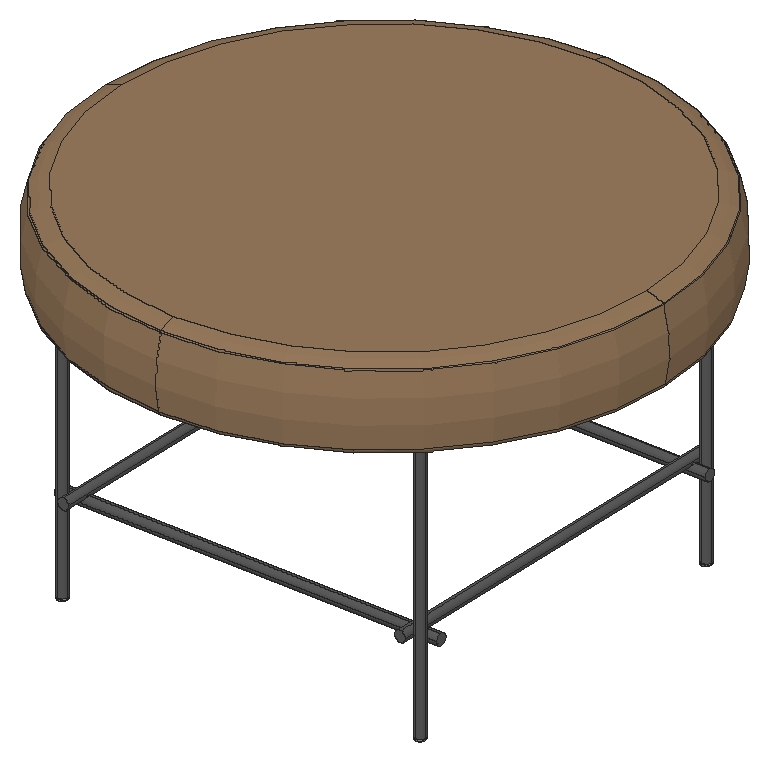
Revit family "FU_Modular_Sandler_NUC0020", category Furniture, Revit 2020
Family settings
  OmniClass Number = 23.40.20.00
  OmniClass Title = General Furniture and Specialties
  Work Plane-Based = No
  Always vertical = Yes
  Cut with Voids When Loaded = No
  Shared = No
  Room Calculation Point = No
Parameters (values of type "NUC0020")
  Width = 800 mm
  URL = "https://www.sandlerseating.com/product/nuc-0020/"
  Seat [instance] = Fabric - X2 - Percentage AK016
  Model = "NUC 0020"
  Manufacturer = "Sandler"
  Height = 495 mm
  Frame [instance] = Epoxy - M1_B00 - Black
  Description = "Ottoman on steel frame with upholstered seat. 80cm / 32″ diameter."
  Depth = 800 mm
  Default Elevation = 0 mm
Reference planes
  plane 1 "Center (Front/Back)": y = 0
  plane 2: z = 0
  plane 3 "Center (Left/Right)": x = 0
  plane 4 "Right": x = -400
  plane 5 "Left": x = 400
  plane 6 "Back": y = 400
  plane 7 "Front": y = -400
  plane 8 "Height": z = 495
  plane 9 "Seat base": z = 380
  plane 10 "Right Inner": x = -368
  plane 11 "Front Inner": y = -368
  plane 12 "Left Inner": x = 368
  plane 13 "Back Inner": y = 368
Forms (mm)
  Extrusion 1, solid, material "Fabric - X2 - Percentage AK016" <- "Seat"
    sketch origin (0, 0, 380) x (-1, 0, 0) y (0, -1, 0)
      loop
        arc (-0.401, -368) -> (260.073, -260.357) -> (368, 0) r 368
        arc (368, 0) -> (260.316, 260.115) -> (0.285, 368) r 368
        arc (0.285, 368) -> (-260.289, 260.142) -> (-368, -0.492) r 368
        arc (-368, -0.492) -> (-260.183, -260.248) -> (-0.401, -368) r 368
    from 0 to 115
  Sweep 2, solid, material "Fabric - X2 - Percentage AK016" <- "Seat"
    path in 3D
      loop
        arc (-0.285, -368, 380) -> (260.289, -260.142, 380) -> (368, 0.492, 380) r 368
        arc (368, 0.492, 380) -> (260.183, 260.248, 380) -> (0.401, 368, 380) r 368
        arc (0.401, 368, 380) -> (-260.073, 260.357, 380) -> (-368, 0, 380) r 368
        arc (-368, 0, 380) -> (-260.316, -260.115, 380) -> (-0.285, -368, 380) r 368
    profile "Pro_NUC_SeatEdge : Pro_NUC_SeatEdge" origin (-260.316, -260.115, 380) x (-0.70738, -0.706833, 0) y (0, 0, -1)
      loop
        line (0, 0) -> (0, -115)
        arc (0, -115) -> (11.88, -111.875) -> (23.135, -106.955) r 79.354
        arc (23.135, -106.955) -> (23.241, -105.871) -> (24.284, -105.562) r 0.974
        arc (24.284, -105.562) -> (32.423, -56.759) -> (27.071, -7.573) r 181.389
        arc (27.071, -7.573) -> (23.523, -2.117) -> (17.37, 0) r 10
        line (17.37, 0) -> (0, 0)
Cuts and joins
  joined: Extrusion 1, Sweep 2
Lines and regions (mm)
  sketch lines
    curve 1: arc (-368, 0, 380) -> (-260.316, -260.115, 380) -> (-0.285, -368, 380) r 368
    curve 2: arc (0.401, 368, 380) -> (-260.073, 260.357, 380) -> (-368, 0, 380) r 368
    curve 3: arc (368, 0.492, 380) -> (260.183, 260.248, 380) -> (0.401, 368, 380) r 368
    curve 4: arc (-0.285, -368, 380) -> (260.289, -260.142, 380) -> (368, 0.492, 380) r 368
Dimensions and locks
  equal spacing: plane 4 "Right", plane 3 "Center (Left/Right)", plane 5 "Left"
  "Width": plane 4 "Right" to plane 5 "Left"
  equal spacing: plane 6 "Back", plane 1 "Center (Front/Back)", plane 7 "Front"
  "Depth": plane 6 "Back" to plane 7 "Front"
  "Height": plane 8 "Height" to level
  plane 8 "Height" to plane 9 "Seat base" = 115 mm
  locked: plane 6 "Back" to plane 13 "Back Inner" at 32
  locked: plane 4 "Right" to plane 10 "Right Inner" at 32
  locked: plane 11 "Front Inner" to plane 7 "Front" at 32
  locked: plane 12 "Left Inner" to plane 5 "Left" at 32
  aligned and locked: level to plane 2
  aligned and locked: plane 10 "Right Inner" to Extrusion 1 sketch curve
  aligned and locked: plane 1 "Center (Front/Back)" to Extrusion 1 sketch curve
  aligned and locked: plane 11 "Front Inner" to Extrusion 1 sketch curve
  aligned and locked: plane 12 "Left Inner" to Extrusion 1 sketch curve
  aligned and locked: plane 13 "Back Inner" to Extrusion 1 sketch curve
  aligned and locked: plane 8 "Height" to Extrusion 1
Automatic sketch dimensions
  Extrusion 1 sketch curve to plane 1 "Center (Front/Back)" = 0 mm
  plane 3 "Center (Left/Right)" to Extrusion 1 sketch curve = 0 mm
  Extrusion 1 sketch curve to Extrusion 1 sketch curve = 0 mm  (x5)
Nested families
  nested 1: "NUC_Frame" at (0, 0, 0), Frame <- "Frame", type "Frame 020"
    with Frame Epoxy - M1_B00 - Black
Definition of nested family "NUC_Frame"
  Parameters (values of type "Frame 020")
    Width = 600 mm
    URL = ""
    Model = ""
    Manufacturer = ""
    Height = 495 mm
    Frame [instance] = none
    Description = ""
    Depth = 600 mm
    Default Elevation = 0 mm
  Reference planes
    plane 1 "Center (Front/Back)": y = 0
    plane 2: z = 0
    plane 3 "Center (Left/Right)": x = 0
    plane 4 "Right": x = -300
    plane 5 "Left": x = 300
    plane 6 "Back": y = 300
    plane 7 "Front": y = -300
    plane 8 "Height": z = 495
    plane 9 "Seat base": z = 380
    plane 10 "Cross Right TOP": x = -268.091
    plane 11 "Side Back TOP": y = 267.81
    plane 12 "RL CY TOP": x = -251.061
    plane 13 "RS C TOP": x = -235.848
    plane 14 "BL CX TOP": y = 250.755
    plane 15 "BC C TOP": y = 235.681
    plane 16 "Side Front TOP": y = -267.81
    plane 17 "FL CX TOP": y = -250.755
    plane 18 "FC C TOP": y = -235.229
    plane 19 "Cross Left TOP": x = 268.091
    plane 20 "FL CY TOP": x = 251.061
    plane 21 "LS C TOP": x = 236.785
    plane 22 "Glide FRONT": z = 5.5
    plane 23 "Cross C FRONT": z = 125.125
    plane 24 "Side C RIGHT": z = 132.455
  Forms (mm)
    Sweep 1, solid, material <- "Frame"
      path origin (0, 250.755, 0) x (1, 0, 0) y (0, 0, 1)
        loop
          line (-251.061, 5.5) -> (-251.061, 380)
      profile "Pro_Circles : 15mm" origin (-251.061, 250.755, 192.75) x (-1, 0, 0) y (0, -1, 0)
        loop
          arc (-7.467, 0.067) -> (-5.347, -5.252) -> (-0.067, -7.467) r 7.401
          arc (-0.067, -7.467) -> (5.3, -5.301) -> (7.467, 0.067) r 7.402
          arc (7.467, 0.067) -> (5.252, 5.347) -> (-0.067, 7.467) r 7.401
          arc (-0.067, 7.467) -> (-5.299, 5.299) -> (-7.467, 0.067) r 7.4
    Sweep 2, solid, material <- "Frame"
      path origin (0, -250.755, 0) x (1, 0, 0) y (0, 0, 1)
        loop
          line (-251.061, 5.5) -> (-251.061, 380)
      profile "Pro_Circles : 15mm" origin (-251.061, -250.755, 192.75) x (1, 0, 0) y (0, 1, 0)
        loop
          arc (7.467, 0.067) -> (5.299, 5.299) -> (0.067, 7.467) r 7.4
          arc (0.067, 7.467) -> (-5.252, 5.347) -> (-7.467, 0.067) r 7.401
          arc (-7.467, 0.067) -> (-5.3, -5.301) -> (0.067, -7.467) r 7.402
          arc (0.067, -7.467) -> (5.347, -5.252) -> (7.467, 0.067) r 7.401
    Sweep 3, solid, material <- "Frame"
      path origin (0, 250.755, 0) x (-1, 0, 0) y (0, 0, 1)
        loop
          line (-251.061, 5.5) -> (-251.061, 380)
      profile "Pro_Circles : 15mm" origin (251.061, 250.755, 192.75) x (-1, 0, 0) y (0, -1, 0)
        loop
          arc (7.467, 0.067) -> (5.299, 5.299) -> (0.067, 7.467) r 7.4
          arc (0.067, 7.467) -> (-5.252, 5.347) -> (-7.467, 0.067) r 7.401
          arc (-7.467, 0.067) -> (-5.3, -5.301) -> (0.067, -7.467) r 7.402
          arc (0.067, -7.467) -> (5.347, -5.252) -> (7.467, 0.067) r 7.401
    Sweep 4, solid, material <- "Frame"
      path origin (0, -250.755, 0) x (-1, 0, 0) y (0, 0, 1)
        loop
          line (-251.061, 5.5) -> (-251.061, 380)
      profile "Pro_Circles : 15mm" origin (251.061, -250.755, 192.75) x (1, 0, 0) y (0, 1, 0)
        loop
          arc (-7.467, 0.067) -> (-5.347, -5.252) -> (-0.067, -7.467) r 7.401
          arc (-0.067, -7.467) -> (5.3, -5.301) -> (7.467, 0.067) r 7.402
          arc (7.467, 0.067) -> (5.252, 5.347) -> (-0.067, 7.467) r 7.401
          arc (-0.067, 7.467) -> (-5.299, 5.299) -> (-7.467, 0.067) r 7.4
    Sweep 5, solid, material <- "Frame"
      path origin (0, 235.681, 0) x (1, 0, 0) y (0, 0, 1)
        loop
          line (-268.091, 125.125) -> (268.091, 125.125)
      profile "Pro_Circles : 15mm" origin (0, 235.681, 125.125) x (0, 0, 1) y (0, -1, 0)
        loop
          arc (-7.467, 0.067) -> (-5.347, -5.252) -> (-0.067, -7.467) r 7.401
          arc (-0.067, -7.467) -> (5.3, -5.301) -> (7.467, 0.067) r 7.402
          arc (7.467, 0.067) -> (5.252, 5.347) -> (-0.067, 7.467) r 7.401
          arc (-0.067, 7.467) -> (-5.299, 5.299) -> (-7.467, 0.067) r 7.4
    Sweep 6, solid, material <- "Frame"
      path origin (0, -235.229, 0) x (1, 0, 0) y (0, 0, 1)
        loop
          line (-268.091, 125.125) -> (268.091, 125.125)
      profile "Pro_Circles : 15mm" origin (0, -235.229, 125.125) x (0, 0, -1) y (0, 1, 0)
        loop
          arc (7.467, 0.067) -> (5.299, 5.299) -> (0.067, 7.467) r 7.4
          arc (0.067, 7.467) -> (-5.252, 5.347) -> (-7.467, 0.067) r 7.401
          arc (-7.467, 0.067) -> (-5.3, -5.301) -> (0.067, -7.467) r 7.402
          arc (0.067, -7.467) -> (5.347, -5.252) -> (7.467, 0.067) r 7.401
    Sweep 7, solid, material <- "Frame"
      path origin (0, 0, 132.455) x (0, -1, 0) y (1, 0, 0)
        loop
          line (267.81, -235.848) -> (-267.81, -235.848)
      profile "Pro_Circles : 15mm" origin (-235.848, 0, 132.455) x (-1, 0, 0) y (0, 0, 1)
        loop
          arc (-7.467, 0.067) -> (-5.347, -5.252) -> (-0.067, -7.467) r 7.401
          arc (-0.067, -7.467) -> (5.3, -5.301) -> (7.467, 0.067) r 7.402
          arc (7.467, 0.067) -> (5.252, 5.347) -> (-0.067, 7.467) r 7.401
          arc (-0.067, 7.467) -> (-5.299, 5.299) -> (-7.467, 0.067) r 7.4
    Sweep 8, solid, material <- "Frame"
      path origin (0, 0, 132.455) x (0, -1, 0) y (-1, 0, 0)
        loop
          line (267.81, -236.785) -> (-267.81, -236.785)
      profile "Pro_Circles : 15mm" origin (236.785, 0, 132.455) x (-1, 0, 0) y (0, 0, 1)
        loop
          arc (7.467, 0.067) -> (5.299, 5.299) -> (0.067, 7.467) r 7.4
          arc (0.067, 7.467) -> (-5.252, 5.347) -> (-7.467, 0.067) r 7.401
          arc (-7.467, 0.067) -> (-5.3, -5.301) -> (0.067, -7.467) r 7.402
          arc (0.067, -7.467) -> (5.347, -5.252) -> (7.467, 0.067) r 7.401
    Revolve 9, solid
      sketch origin (0, 250.755, 0) x (1, 0, 0) y (0, 0, 1)
        loop
          line (-258.073, 5.5) -> (-258.073, 2.935)
          arc (-258.073, 2.935) -> (-257.708, 1.769) -> (-256.742, 1.02) r 2.043
          arc (-256.742, 1.02) -> (-253.947, 0.256) -> (-251.061, -0.002) r 16.329
          line (-251.061, -0.002) -> (-251.061, 18.327) -> (-256.144, 18.327) -> (-256.144, 5.5) -> (-258.073, 5.5)
        axis (-251.061, 18.327) -> (-251.061, -0.002)
      angle from 0 to 360
    Revolve 10, solid
      sketch origin (0, 250.755, 0) x (-1, 0, 0) y (0, 0, 1)
        loop
          line (-258.073, 5.5) -> (-258.073, 2.935)
          arc (-258.073, 2.935) -> (-257.708, 1.769) -> (-256.742, 1.02) r 2.043
          arc (-256.742, 1.02) -> (-253.947, 0.256) -> (-251.061, -0.002) r 16.329
          line (-251.061, -0.002) -> (-251.061, 18.327) -> (-256.144, 18.327) -> (-256.144, 5.5) -> (-258.073, 5.5)
        axis (-251.061, 18.327) -> (-251.061, -0.002)
      angle from 0 to 360
    Revolve 11, solid
      sketch origin (0, -250.755, 0) x (1, 0, 0) y (0, 0, 1)
        loop
          line (258.073, 5.5) -> (256.144, 5.5) -> (256.144, 18.327) -> (251.061, 18.327) -> (251.061, -0.002)
          arc (251.061, -0.002) -> (253.947, 0.256) -> (256.742, 1.02) r 16.329
          arc (256.742, 1.02) -> (257.708, 1.769) -> (258.073, 2.935) r 2.043
          line (258.073, 2.935) -> (258.073, 5.5)
        axis (251.061, 18.327) -> (251.061, -0.002)
      angle from 0 to 360
    Revolve 12, solid
      sketch origin (0, -250.755, 0) x (1, 0, 0) y (0, 0, 1)
        loop
          line (-258.073, 5.5) -> (-258.073, 2.935)
          arc (-258.073, 2.935) -> (-257.708, 1.769) -> (-256.742, 1.02) r 2.043
          arc (-256.742, 1.02) -> (-253.947, 0.256) -> (-251.061, -0.002) r 16.329
          line (-251.061, -0.002) -> (-251.061, 18.327) -> (-256.144, 18.327) -> (-256.144, 5.5) -> (-258.073, 5.5)
        axis (-251.061, 18.327) -> (-251.061, -0.002)
      angle from 0 to 360
  Dimensions and locks
    equal spacing: plane 4 "Right", plane 3 "Center (Left/Right)", plane 5 "Left"
    "Width": plane 4 "Right" to plane 5 "Left"
    equal spacing: plane 6 "Back", plane 1 "Center (Front/Back)", plane 7 "Front"
    "Depth": plane 6 "Back" to plane 7 "Front"
    "Height": plane 8 "Height" to level
    plane 8 "Height" to plane 9 "Seat base" = 115 mm
    plane 6 "Back" to plane 11 "Side Back TOP" to plane 14 "BL CX TOP" to plane 15 "BC C TOP" = 32.19 mm locked, 17.055 mm locked, 15.074 mm locked
    plane 4 "Right" to plane 10 "Cross Right TOP" to plane 12 "RL CY TOP" to plane 13 "RS C TOP" = 31.909 mm locked, 17.03 mm locked, 15.213 mm locked
    plane 21 "LS C TOP" to plane 20 "FL CY TOP" to plane 19 "Cross Left TOP" to plane 5 "Left" = 14.275 mm locked, 17.03 mm locked, 31.909 mm locked
    plane 18 "FC C TOP" to plane 17 "FL CX TOP" to plane 16 "Side Front TOP" to plane 7 "Front" = 15.526 mm locked, 17.055 mm locked, 32.19 mm locked
    aligned and locked: level to plane 2
    aligned and locked: plane 9 "Seat base" to Sweep 1 sketch curve
    aligned and locked: plane 22 "Glide FRONT" to Sweep 1 sketch curve
    aligned and locked: plane 19 "Cross Left TOP" to Sweep 5 sketch curve
    aligned and locked: plane 10 "Cross Right TOP" to Sweep 5 sketch curve
    aligned and locked: plane 11 "Side Back TOP" to Sweep 7 sketch curve
    aligned and locked: plane 16 "Side Front TOP" to Sweep 7 sketch curve
  Automatic sketch dimensions
    plane 12 "RL CY TOP" to Sweep 1 sketch curve = 0 mm
    Sweep 2 sketch curve to plane 9 "Seat base" = 0 mm
    plane 12 "RL CY TOP" to Sweep 2 sketch curve = 0 mm
    Sweep 2 sketch curve to plane 22 "Glide FRONT" = 0 mm
    Sweep 3 sketch curve to plane 9 "Seat base" = 0 mm
    Sweep 3 sketch curve to plane 20 "FL CY TOP" = 0 mm
    Sweep 3 sketch curve to plane 22 "Glide FRONT" = 0 mm
    Sweep 4 sketch curve to plane 9 "Seat base" = 0 mm
    Sweep 4 sketch curve to plane 20 "FL CY TOP" = 0 mm
    Sweep 4 sketch curve to plane 22 "Glide FRONT" = 0 mm
    Sweep 5 sketch curve to plane 23 "Cross C FRONT" = 0 mm
    plane 10 "Cross Right TOP" to Sweep 6 sketch curve = 0 mm
    Sweep 6 sketch curve to plane 19 "Cross Left TOP" = 0 mm
    Sweep 6 sketch curve to plane 23 "Cross C FRONT" = 0 mm
    Sweep 7 sketch curve to plane 13 "RS C TOP" = 0 mm
    plane 11 "Side Back TOP" to Sweep 8 sketch curve = 0 mm
    Sweep 8 sketch curve to plane 16 "Side Front TOP" = 0 mm
    Sweep 8 sketch curve to plane 21 "LS C TOP" = 0 mm
    Revolve 9 sketch curve to plane 22 "Glide FRONT" = 0 mm
    plane 12 "RL CY TOP" to Revolve 9 sketch curve = 0 mm  (x2)
    plane 12 "RL CY TOP" to Revolve 9 sketch curve = 4.969 mm
    plane 12 "RL CY TOP" to Revolve 9 sketch curve = 5.083 mm
    Revolve 9 sketch curve to Revolve 9 sketch curve = 1.929 mm
    Revolve 9 sketch curve to plane 12 "RL CY TOP" = 0.006 mm
    Revolve 9 sketch curve to Revolve 9 sketch curve = 2.565 mm
    Revolve 9 sketch curve to level = 0.002 mm
    plane 22 "Glide FRONT" to Revolve 9 sketch curve = 10.827 mm
    Revolve 9 sketch curve to Revolve 9 sketch curve = 2 mm
    Revolve 9 sketch curve to Revolve 9 sketch curve = 3.769 mm
    Revolve 9 sketch curve to Revolve 9 sketch curve = 2.902 mm
    Revolve 10 sketch curve to plane 22 "Glide FRONT" = 0 mm
    Revolve 10 sketch curve to plane 20 "FL CY TOP" = 0 mm  (x2)
    Revolve 10 sketch curve to plane 20 "FL CY TOP" = 4.969 mm
    Revolve 10 sketch curve to plane 20 "FL CY TOP" = 5.083 mm
    Revolve 10 sketch curve to Revolve 10 sketch curve = 1.929 mm
    plane 20 "FL CY TOP" to Revolve 10 sketch curve = 0.006 mm
    plane 22 "Glide FRONT" to Revolve 10 sketch curve = 2.565 mm
    level to Revolve 10 sketch curve = 0.002 mm
    Revolve 10 sketch curve to plane 22 "Glide FRONT" = 10.827 mm
    Revolve 10 sketch curve to Revolve 10 sketch curve = 2 mm
    Revolve 10 sketch curve to Revolve 10 sketch curve = 3.769 mm
    Revolve 10 sketch curve to Revolve 10 sketch curve = 2.902 mm
    Revolve 11 sketch curve to plane 20 "FL CY TOP" = 0 mm  (x2)
    Revolve 11 sketch curve to plane 22 "Glide FRONT" = 0 mm
    plane 20 "FL CY TOP" to Revolve 11 sketch curve = 0.006 mm
    Revolve 11 sketch curve to plane 20 "FL CY TOP" = 4.969 mm
    Revolve 11 sketch curve to plane 20 "FL CY TOP" = 5.083 mm
    Revolve 11 sketch curve to Revolve 11 sketch curve = 1.929 mm
    plane 22 "Glide FRONT" to Revolve 11 sketch curve = 2.565 mm
    level to Revolve 11 sketch curve = 0.002 mm
    Revolve 11 sketch curve to plane 22 "Glide FRONT" = 10.827 mm
    Revolve 11 sketch curve to Revolve 11 sketch curve = 2 mm
    Revolve 11 sketch curve to Revolve 11 sketch curve = 3.769 mm
    Revolve 11 sketch curve to Revolve 11 sketch curve = 2.902 mm
    Revolve 12 sketch curve to plane 22 "Glide FRONT" = 0 mm
    plane 12 "RL CY TOP" to Revolve 12 sketch curve = 0 mm  (x2)
    Revolve 12 sketch curve to plane 12 "RL CY TOP" = 4.969 mm
    Revolve 12 sketch curve to plane 12 "RL CY TOP" = 5.083 mm
    Revolve 12 sketch curve to Revolve 12 sketch curve = 1.929 mm
    plane 12 "RL CY TOP" to Revolve 12 sketch curve = 0.006 mm
    Revolve 12 sketch curve to Revolve 12 sketch curve = 2.565 mm
    level to Revolve 12 sketch curve = 0.002 mm
    Revolve 12 sketch curve to plane 22 "Glide FRONT" = 10.827 mm
    Revolve 12 sketch curve to Revolve 12 sketch curve = 2 mm
    Revolve 12 sketch curve to Revolve 12 sketch curve = 3.769 mm
    Revolve 12 sketch curve to Revolve 12 sketch curve = 2.902 mm
